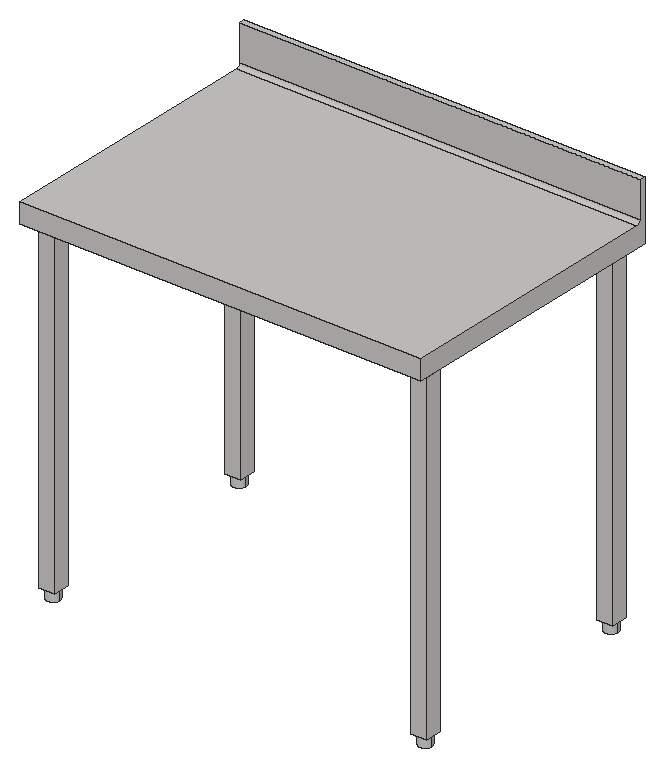
Revit family "QF_ZANUSSI_132845_WTD1017N", category Attrezzature speciali, Revit 2020
Family settings
  Quota connettore circolare = Usa diametro
  Tipo di parte = Normale
  Basato su piano di lavoro = No
  Sempre verticale = Sì
  Taglio con vuoti quando caricato = No
  Condiviso = No
  Punto di calcolo locali = No
Parameters (values of type "Standard")
  Weight = 37.00 kg
  Watts = 0 W
  Volts = 0 V
  URL Manufacturer = "http://www.zanussiprofessional.com"
  URL = "http://www.zanussiprofessional.com"
  Steam Supply Size = 0 mm
  Steam Supply Minimum Pressure = 0.0 Pa
  Steam Supply Maximum Pressure = 0.0 Pa
  Steam Consumption per Hour = 0
  Refrigeration Suction Line Size = 0.0 mm
  Refrigeration Liquid Line Size = 0.0 mm
  Refrigerant Compressor Remote = yes
  Prospetto di default = 0.0 mm
  Produttore = "Zanussi"
  Phase = 0
  Modello = "WTD1017N"
  Length Actual = 1000.0 mm  # constant formula
  Item Number = "132845"
  Hot Water Size = 0 mm
  Height Actual = 900.0 mm  # constant formula
  HP = "0 HP"
  Gas Size = 0 mm
  Gas KW = 0
  Gas Input Pressure = 0 W
  Direct Waste Size = 0 mm
  Descrizione = "WORK TABLE+UPSTAND-DISASSEMBLED 1000MM"
  Depth Actual = 700.0 mm  # constant formula
  Cycle = 0 Hz
  Condensate Return Size = 0 mm
  Compressed Air Volume = 0.0 L/s
  Compressed Air Size = 0 mm
  Compressed Air Pressure = 0.0 Pa
  Cold Water Size = 0 mm
  Accessory = yes
Reference planes
  plane 1 "Center (Front/Back)": y = 0
  plane 2: z = 0
  plane 3 "Center (Left/Right)": x = 0
  plane 4 "LEFT": x = -500
  plane 5 "RIGHT": x = 500
  plane 6 "BACK": y = 350
  plane 7 "FRONT": y = -350
  plane 8 "Base": z = 850
  plane 9 "TOP": z = 900
  plane 10: x = -464.5
  plane 11: x = 464.5
  plane 12: y = 290
  plane 13: y = -290
Forms (mm)
  Extrusion 1, solid, material "QF_Finishes_Stainless Steel"
    sketch origin (0, 0, 0) x (0, 1, 0) y (0, 0, 1)
      loop
        line (-350, 850) -> (350, 850) -> (350, 1000) -> (337, 1000) -> (337, 910)
        arc (337, 910) -> (334.071, 902.929) -> (327, 900) r 10
        line (327, 900) -> (-350, 900) -> (-350, 850)
    from 500 to -500
Lines and regions (mm)
  symbolic lines
    curve 1: line (500, 350, 900) -> (-500, 350, 900)
    curve 2: line (-500, 350, 900) -> (-500, -350, 900)
    curve 3: line (-500, -350, 900) -> (500, -350, 900)
    curve 4: line (500, -350, 900) -> (500, 350, 900)
    curve 5: line (500, 337, 900) -> (-500, 337, 900)
Dimensions and locks
  plane 4 "LEFT" to plane 5 "RIGHT" = 1000.0 mm
  equal spacing: plane 4 "LEFT", plane 3 "Center (Left/Right)", plane 5 "RIGHT"
  locked: plane 8 "Base" to level at 850
  plane 4 "LEFT" to plane 10 = 35.5 mm
  plane 11 to plane 5 "RIGHT" = 35.5 mm
  plane 10 to plane 11 = 929.0 mm
  locked: Extrusion 1 to level at 1000
  plane 9 "TOP" to level = 900.0 mm
  plane 6 "BACK" to plane 12 = 60.0 mm
  plane 13 to plane 7 "FRONT" = 60.0 mm
  plane 6 "BACK" to plane 7 "FRONT" = 700.0 mm
  plane 12 to plane 13 = 580.0 mm
  equal spacing: plane 6 "BACK", plane 1 "Center (Front/Back)", plane 7 "FRONT"
  aligned and locked: level to plane 2
  aligned and locked: plane 10 to nested 1
  aligned and locked: nested 1 to plane 13
  aligned and locked: plane 11 to nested 2
  aligned and locked: nested 2 to plane 13
  aligned and locked: plane 11 to nested 4
  aligned and locked: nested 4 to plane 12
  aligned and locked: plane 10 to nested 3
  aligned and locked: nested 3 to plane 12
  aligned and locked: Extrusion 1 to plane 4 "LEFT"
  aligned and locked: plane 5 "RIGHT" to Extrusion 1
  aligned and locked: curve 2 to plane 4 "LEFT"
Automatic sketch dimensions
  Extrusion 1 sketch curve to plane 7 "FRONT" = 0.0 mm
  Extrusion 1 sketch curve to plane 9 "TOP" = 0.0 mm
  Extrusion 1 sketch curve to plane 6 "BACK" = 0.0 mm
  Extrusion 1 sketch curve to plane 8 "Base" = 0.0 mm
  plane 9 "TOP" to Extrusion 1 sketch curve = 10.0 mm
  Extrusion 1 sketch curve to plane 6 "BACK" = 13.0 mm
  Extrusion 1 sketch curve to Extrusion 1 sketch curve = 90.0 mm
  curve 3 to plane 7 "FRONT" = 0.0 mm
  curve 5 to plane 5 "RIGHT" = 0.0 mm
  curve 4 to plane 6 "BACK" = 0.0 mm
  curve 5 to plane 6 "BACK" = 13.0 mm
Nested families
  nested 1: "FEET_40x40" at (-464.5, -290, 0), type "FEET_40x40"
  nested 2: "FEET_40x40" at (464.5, -290, 0), type "FEET_40x40"
  nested 3: "FEET_40x40" at (-464.5, 290, 0), type "FEET_40x40"
  nested 4: "FEET_40x40" at (464.5, 290, 0), type "FEET_40x40"
Definition of nested family "FEET_40x40"
  Parameters
    Default Elevation = 0.0 mm
    FEET = 850.0 mm
  Reference planes
    plane 1 "Center (Front/Back)": y = 0
    plane 2: z = 0
    plane 3 "Center (Left/Right)": x = 0
    plane 4: z = 850
  Forms (mm)
    Extrusion 1, solid
      sketch origin (0, 0, 0) x (1, 0, 0) y (0, 1, 0)
        loop
          line (-20, -20) -> (20, -20) -> (20, 20) -> (-20, 20) -> (-20, -20)
      from 25 to 845
    Extrusion 2, solid
      sketch origin (0, 0, 0) x (1, 0, 0) y (0, 1, 0)
        loop
          circle (0, 0) r 16
      from 0 to 25
    Extrusion 3, solid
      sketch origin (0, 0, 0) x (1, 0, 0) y (0, 1, 0)
        loop
          line (30, 30) -> (-30, 30) -> (-30, -30) -> (30, -30) -> (30, 30)
      from 845 to 850
  Lines and regions (mm)
    symbolic lines
      curve 1: line (0, -1.503, 0) -> (0, 1.508, 0)
      curve 2: line (1.561, 0, 0) -> (-1.439, 0, 0)
  Dimensions and locks
    "FEET": plane 4 to plane 2
    aligned and locked: level to plane 2
  Automatic sketch dimensions
    Extrusion 1 sketch curve to plane 3 "Center (Left/Right)" = 20.0 mm
    plane 3 "Center (Left/Right)" to Extrusion 1 sketch curve = 20.0 mm
    plane 1 "Center (Front/Back)" to Extrusion 1 sketch curve = 20.0 mm
    Extrusion 1 sketch curve to plane 1 "Center (Front/Back)" = 20.0 mm
    plane 1 "Center (Front/Back)" to Extrusion 2 sketch curve = 0.0 mm
    Extrusion 2 sketch curve to plane 3 "Center (Left/Right)" = 0.0 mm
    plane 3 "Center (Left/Right)" to Extrusion 3 sketch curve = 30.0 mm
    Extrusion 3 sketch curve to plane 1 "Center (Front/Back)" = 30.0 mm
    Extrusion 3 sketch curve to plane 3 "Center (Left/Right)" = 30.0 mm
    plane 1 "Center (Front/Back)" to Extrusion 3 sketch curve = 30.0 mm
    plane 1 "Center (Front/Back)" to curve 2 = 0.0 mm
    curve 1 to plane 3 "Center (Left/Right)" = 0.0 mm
    curve 2 to plane 3 "Center (Left/Right)" = 1.439 mm
    plane 3 "Center (Left/Right)" to curve 2 = 1.561 mm
    plane 1 "Center (Front/Back)" to curve 1 = 1.503 mm
    curve 1 to plane 1 "Center (Front/Back)" = 1.508 mm
    radius of Extrusion 2 sketch curve = 16.0 mm
